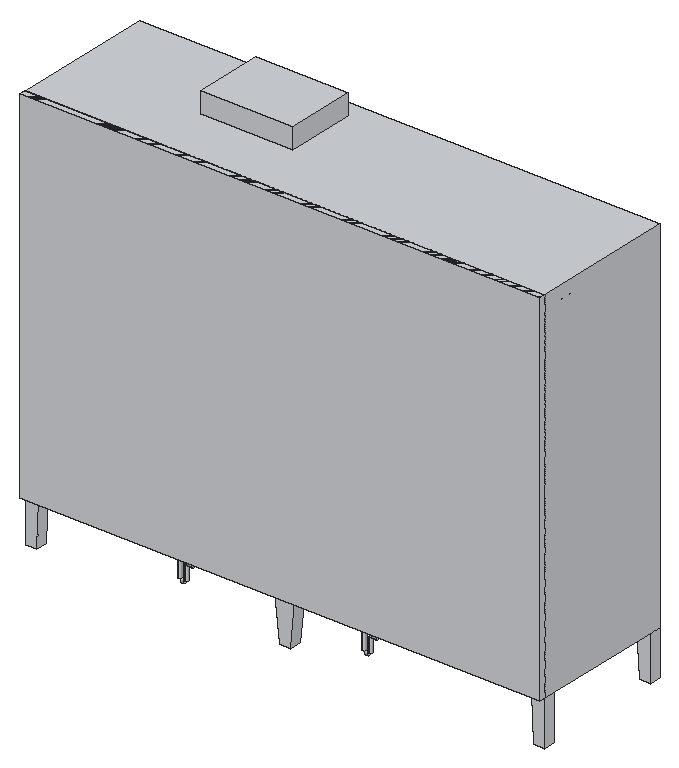
Revit family "AHU 1 _1", category Mechanické zařízení, Revit 2018
Family settings
  Kóta kulaté spojky = Použít průměr
  Typ dílu = Normální
  Číslo OmniClass = 23.75.00.00
  Nadpis OmniClass = Climate Control (HVAC)
  Založené na pracovní rovině = Ne
  Vždy vertikální = Ano
  Ořezat dutým tvarem při načtení = Ne
  Sdílené = Ne
  Bod výpočtu místnosti = Ne
Parameters (values of type "DUPLEXVENT 3500 Multi")
  Width [instance] = 0.665 mm
  Weight [instance] = 370.00 kg
  URL = ""
  Type [instance] = "DUPLEXVENT 3500 Multi"
  Total_SFP [instance] = 0
  Supply_outlet_hum [instance] = 90
  Supply_inlet_hum [instance] = 90
  Supply_ext_pressure [instance] = 0.0 Pa
  Supply_SFP [instance] = 0
  Source_adu_file [instance] = ""
  Recuperation_type [instance] = "Plate heat recovery exchanger"
  Recuperation_efficiency_EN308 [instance] = 0
  Project_name [instance] = ""
  Project_date [instance] = "8.8.2023"
  Power_supply_fusing [instance] = "0"
  Power_supply_cable [instance] = "0"
  Position [instance] = "AHU 1 "
  Phases_count [instance] = 3
  Panel_thickness [instance] = 0.06 mm
  Outer_surface [instance] = "RAL 9002"
  Length [instance] = 2.3 mm
  Insulation_type [instance] = "PUR"
  Insulation_thickness [instance] = 0.05 mm
  Installation_environment [instance] = ""
  Input_power_max [instance] = 5000 W
  Inner_surface [instance] = "Pozink"
  I2 [instance] = I1  # 0.0 L/s
  Height [instance] = 1.6 mm
  Exhaust_outlet_hum [instance] = 0
  Exhaust_inlet_hum [instance] = 40
  Exhaust_ext_pressure [instance] = 0.0 Pa
  Exhaust_SFP [instance] = 0
  E1 [instance] = E2 - M1  # 0.0 L/s
  E2 [instance] = 0.0 L/s
  I1 [instance] = 0.0 L/s
  Description = ""
  M1 [instance] = 0.0 L/s
  Device_dutypoint_version [instance] = "5"
  Device_design_version [instance] = "31"
  Device_adu_id [instance] = "1"
  Current_max [instance] = 7.6 A
  Casing_mat [instance] = "painted zinc layer"
  Cable type [instance] = "CYKY 5Jx2,5"
Reference planes
  plane 1 "Střed (vpředu/vzadu)": y = 0
  plane 2 "ref": z = 0
  plane 3 "Střed (vlevo/vpravo)": x = 0
Forms (mm)
  Sweep 1, solid
    path origin (0, 0, 0) x (0, 0, 1) y (1, 0, 0)
      loop
        line (0, 0) -> (1600, 0)
    profile origin (0, 0, 0) x (1, 0, 0) y (0, 1, 0)
      loop
        line (0, 0) -> (2300, 0) -> (2300, 635) -> (0, 635) -> (0, 0)
  Sweep 2, solid
    path origin (0, 0, 0) x (0, 0, 1) y (1, 0, 0)
      loop
        line (0, 0) -> (1600, 0)
    profile origin (0, 0, 0) x (1, 0, 0) y (0, 1, 0)
      loop
        line (0, 0) -> (0, -30) -> (2300, -30) -> (2300, 0) -> (0, 0)
  Sweep 3, solid
    path origin (1, 325, 300) x (0, 1, 0) y (-1, 0, 0)
      loop
        line (0, 0) -> (0, 1)
    profile origin (1, 325, 300) x (0, -1, 0) y (0, 0, 1)
      loop
        line (-200, -200) -> (200, -200) -> (200, 200) -> (-200, 200) -> (-200, -200)
  Sweep 4, solid
    path origin (2299, 330, 1190) x (1, 0, 0) y (0, 1, 0)
      loop
        line (0, 0) -> (1, 0)
    profile origin (2299, 330, 1190) x (0, 1, 0) y (0, 0, 1)
      loop
        line (-250, 355) -> (-250, -355) -> (250, -355) -> (250, 355) -> (-250, 355)
  Sweep 5, solid
    path origin (2299, 325, 300) x (1, 0, 0) y (0, 1, 0)
      loop
        line (0, 0) -> (1, 0)
    profile origin (2299, 325, 300) x (0, 1, 0) y (0, 0, 1)
      loop
        line (-200, 200) -> (-200, -200) -> (200, -200) -> (200, 200) -> (-200, 200)
  Sweep 6, solid
    path origin (1, 330, 1190) x (0, 1, 0) y (-1, 0, 0)
      loop
        line (0, 0) -> (0, 1)
    profile origin (1, 330, 1190) x (0, -1, 0) y (0, 0, 1)
      loop
        line (-250, -355) -> (250, -355) -> (250, 355) -> (-250, 355) -> (-250, -355)
  Sweep 7, solid
    path origin (1440, 75, 0) x (0, -1, 0) y (0, 0, 1)
      loop
        line (0, 0) -> (0, -142)
    profile origin (1440, 75, 0) x (-1, 0, 0) y (0, -1, 0)
      loop
        circle (0, 0) r 8
  Sweep 8, solid
    path origin (1448, 75, -150) x (0, 0, -1) y (1, 0, 0)
      loop
        line (0, 0) -> (0, 14)
    profile origin (1448, 75, -150) x (0, 0, 1) y (0, -1, 0)
      loop
        circle (0, 0) r 8
  Sweep 9, solid
    path origin (1470, 75, -142) x (0, -1, 0) y (0, 0, 1)
      loop
        line (0, 0) -> (0, 59)
    profile origin (1470, 75, -142) x (0, 1, 0) y (-1, 0, 0)
      loop
        circle (0, 0) r 8
  Sweep 10, solid
    path origin (1478, 75, -75) x (0, 0, -1) y (1, 0, 0)
      loop
        line (0, 0) -> (0, 22)
    profile origin (1478, 75, -75) x (0, 0, 1) y (0, -1, 0)
      loop
        circle (0, 0) r 8
  Sweep 11, solid
    path origin (625, 75, 0) x (0, -1, 0) y (0, 0, 1)
      loop
        line (0, 0) -> (0, -142)
    profile origin (625, 75, 0) x (-1, 0, 0) y (0, -1, 0)
      loop
        circle (0, 0) r 8
  Sweep 12, solid
    path origin (633, 75, -150) x (0, 0, -1) y (1, 0, 0)
      loop
        line (0, 0) -> (0, 14)
    profile origin (633, 75, -150) x (0, 0, 1) y (0, -1, 0)
      loop
        circle (0, 0) r 8
  Sweep 13, solid
    path origin (655, 75, -142) x (0, -1, 0) y (0, 0, 1)
      loop
        line (0, 0) -> (0, 59)
    profile origin (655, 75, -142) x (0, 1, 0) y (-1, 0, 0)
      loop
        circle (0, 0) r 8
  Sweep 14, solid
    path origin (663, 75, -75) x (0, 0, -1) y (1, 0, 0)
      loop
        line (0, 0) -> (0, 22)
    profile origin (663, 75, -75) x (0, 0, 1) y (0, -1, 0)
      loop
        circle (0, 0) r 8
  Sweep 15, solid
    path origin (0, 0, 0) x (0, 0, 1) y (1, 0, 0)
      loop
        line (0, 0) -> (1600, 0)
    profile origin (0, 0, 0) x (1, 0, 0) y (0, 1, 0)
      loop
        line (0, -30) -> (2300, -30) -> (2300, -5) -> (0, -5) -> (0, -30)
  Sweep 16, solid
    path origin (25, 50, 0) x (1, 0, 0) y (0, 1, 0)
      loop
        line (0, 0) -> (0, -50)
    profile origin (25, 50, 0) x (1, 0, 0) y (0, 0, 1)
      loop
        line (-25, 0) -> (-25, -200) -> (25, -200) -> (35, 0) -> (-25, 0)
  Sweep 17, solid
    path origin (2275, 50, 0) x (1, 0, 0) y (0, 1, 0)
      loop
        line (0, 0) -> (0, -50)
    profile origin (2275, 50, 0) x (1, 0, 0) y (0, 0, 1)
      loop
        line (-35, 0) -> (-25, -200) -> (25, -200) -> (25, 0) -> (-35, 0)
  Sweep 18, solid
    path origin (25, 635, 0) x (1, 0, 0) y (0, 1, 0)
      loop
        line (0, 0) -> (0, -50)
    profile origin (25, 635, 0) x (1, 0, 0) y (0, 0, 1)
      loop
        line (-25, 0) -> (-25, -200) -> (25, -200) -> (35, 0) -> (-25, 0)
  Sweep 19, solid
    path origin (2275, 635, 0) x (1, 0, 0) y (0, 1, 0)
      loop
        line (0, 0) -> (0, -50)
    profile origin (2275, 635, 0) x (1, 0, 0) y (0, 0, 1)
      loop
        line (-35, 0) -> (-25, -200) -> (25, -200) -> (25, 0) -> (-35, 0)
  Sweep 20, solid
    path origin (1150, 50, 0) x (1, 0, 0) y (0, 1, 0)
      loop
        line (0, 0) -> (0, -50)
    profile origin (1150, 50, 0) x (1, 0, 0) y (0, 0, 1)
      loop
        line (-45, 0) -> (-25, -200) -> (25, -200) -> (45, 0) -> (-45, 0)
  Sweep 21, solid
    path origin (1150, 635, 0) x (1, 0, 0) y (0, 1, 0)
      loop
        line (0, 0) -> (0, -50)
    profile origin (1150, 635, 0) x (1, 0, 0) y (0, 0, 1)
      loop
        line (-45, 0) -> (-25, -200) -> (25, -200) -> (45, 0) -> (-45, 0)
  Sweep 22, solid
    path origin (0, 0, 1600) x (0, 0, 1) y (1, 0, 0)
      loop
        line (0, 0) -> (90, 0)
    profile origin (0, 0, 1600) x (1, 0, 0) y (0, 1, 0)
      loop
        line (575, 253) -> (980, 253) -> (980, 558) -> (575, 558) -> (575, 253)
  Sweep 23, solid
    path origin (575, 406, 1645) x (0, 0, -1) y (1, 0, 0)
      loop
        line (0, 0) -> (0, -1)
    profile origin (575, 406, 1645) x (0, 0, -1) y (0, -1, 0)
      loop
        circle (0, 0) r 10
Lines and regions (mm)
  model lines, style "Symbol"
    curve 1: line (943, -30, 0) -> (943, -30, 320)
    curve 2: line (943, -30, 1600) -> (943, -30, 1280)
    curve 3: line (0, -30, 800) -> (463, -30, 800)
    curve 4: line (2300, -30, 800) -> (1423, -30, 800)
    curve 5: line (463, -30, 800) -> (703, -30, 1280)
    curve 6: line (703, -30, 1280) -> (1183, -30, 1280)
    curve 7: line (1183, -30, 1280) -> (1423, -30, 800)
    curve 8: line (1423, -30, 800) -> (1183, -30, 320)
    curve 9: line (1183, -30, 320) -> (943, -30, 320)
    curve 10: line (943, -30, 320) -> (703, -30, 320)
    curve 11: line (703, -30, 320) -> (463, -30, 800)
    curve 12: line (1948, -30, 1314) -> (2204, -30, 1270)
    curve 13: line (1948, -30, 1086) -> (2204, -30, 1130)
    curve 14: line (352, -30, 1086) -> (96, -30, 1130)
    curve 15: line (352, -30, 1314) -> (96, -30, 1270)
    curve 16: line (46, -30, 160) -> (46, -30, 640)
    curve 17: line (46, -30, 640) -> (184, -30, 640)
    curve 18: line (184, -30, 640) -> (184, -30, 160)
    curve 19: line (184, -30, 160) -> (46, -30, 160)
    curve 20: line (115, -30, 160) -> (184, -30, 400)
    curve 21: line (115, -30, 640) -> (184, -30, 400)
    curve 22: line (2254, -30, 640) -> (2254, -30, 160)
    curve 23: line (2254, -30, 160) -> (2116, -30, 160)
    curve 24: line (2116, -30, 160) -> (2116, -30, 640)
    curve 25: line (2116, -30, 640) -> (2254, -30, 640)
    curve 26: line (2185, -30, 640) -> (2116, -30, 400)
    curve 27: line (2185, -30, 160) -> (2116, -30, 400)
    curve 28: line (616, -30, 280) -> (398, -30, 708)
    curve 29: line (398, -30, 708) -> (470, -30, 744)
    curve 30: line (470, -30, 744) -> (688, -30, 316)
    curve 31: line (688, -30, 316) -> (616, -30, 280)
    curve 32: line (485, -30, 554) -> (513, -30, 641)
    curve 33: line (573, -30, 383) -> (601, -30, 470)
    curve 34: line (0, -1230, 0) -> (0, -30, 0)
    curve 35: line (2300, -1230, 0) -> (2300, -30, 0)
    curve 36: line (0, -1230, 0) -> (2300, -1230, 0)
    curve 37: line (0, -1230, 1600) -> (0, -30, 1600)
    curve 38: line (2300, -1230, 1600) -> (2300, -30, 1600)
    curve 39: line (0, -1230, 1600) -> (2300, -1230, 1600)
    curve 40: line (0, -1230, 0) -> (0, -1230, 1600)
    curve 41: line (2300, -1230, 0) -> (2300, -1230, 1600)
    curve 42: line (0, -1230, 1400) -> (200, -1230, 1600)
    curve 43: line (0, -1230, 1200) -> (400, -1230, 1600)
    curve 44: line (0, -1230, 1000) -> (600, -1230, 1600)
    curve 45: line (0, -1230, 800) -> (800, -1230, 1600)
    curve 46: line (0, -1230, 600) -> (1000, -1230, 1600)
    curve 47: line (0, -1230, 400) -> (1200, -1230, 1600)
    curve 48: line (0, -1230, 200) -> (1400, -1230, 1600)
    curve 49: line (0, -1230, 0) -> (1600, -1230, 1600)
    curve 50: line (200, -1230, 0) -> (1800, -1230, 1600)
    curve 51: line (400, -1230, 0) -> (2000, -1230, 1600)
    curve 52: line (600, -1230, 0) -> (2200, -1230, 1600)
    curve 53: line (800, -1230, 0) -> (2300, -1230, 1500)
    curve 54: line (1000, -1230, 0) -> (2300, -1230, 1300)
    curve 55: line (1200, -1230, 0) -> (2300, -1230, 1100)
    curve 56: line (1400, -1230, 0) -> (2300, -1230, 900)
    curve 57: line (1600, -1230, 0) -> (2300, -1230, 700)
    curve 58: line (1800, -1230, 0) -> (2300, -1230, 500)
    curve 59: line (2000, -1230, 0) -> (2300, -1230, 300)
    curve 60: line (2200, -1230, 0) -> (2300, -1230, 100)
    curve 61: line (2300, -1230, 1400) -> (2300, -1030, 1600)
    curve 62: line (2300, -1230, 1200) -> (2300, -830, 1600)
    curve 63: line (2300, -1230, 1000) -> (2300, -630, 1600)
    curve 64: line (2300, -1230, 800) -> (2300, -430, 1600)
    curve 65: line (2300, -1230, 600) -> (2300, -230, 1600)
    curve 66: line (2300, -1230, 400) -> (2300, -30, 1600)
    curve 67: line (2300, -1230, 200) -> (2300, -30, 1400)
    curve 68: line (2300, -1230, 0) -> (2300, -30, 1200)
    curve 69: line (2300, -1030, 0) -> (2300, -30, 1000)
    curve 70: line (2300, -830, 0) -> (2300, -30, 800)
    curve 71: line (2300, -630, 0) -> (2300, -30, 600)
    curve 72: line (2300, -430, 0) -> (2300, -30, 400)
    curve 73: line (2300, -230, 0) -> (2300, -30, 200)
    curve 74: line (0, -1030, 1600) -> (200, -1230, 1600)
    curve 75: line (0, -830, 1600) -> (400, -1230, 1600)
    curve 76: line (0, -630, 1600) -> (600, -1230, 1600)
    curve 77: line (0, -430, 1600) -> (800, -1230, 1600)
    curve 78: line (0, -230, 1600) -> (1000, -1230, 1600)
    curve 79: line (0, -30, 1600) -> (1200, -1230, 1600)
    curve 80: line (200, -30, 1600) -> (1400, -1230, 1600)
    curve 81: line (400, -30, 1600) -> (1600, -1230, 1600)
    curve 82: line (600, -30, 1600) -> (1800, -1230, 1600)
    curve 83: line (800, -30, 1600) -> (2000, -1230, 1600)
    curve 84: line (1000, -30, 1600) -> (2200, -1230, 1600)
    curve 85: line (1200, -30, 1600) -> (2300, -1130, 1600)
    curve 86: line (1400, -30, 1600) -> (2300, -930, 1600)
    curve 87: line (1600, -30, 1600) -> (2300, -730, 1600)
    curve 88: line (1800, -30, 1600) -> (2300, -530, 1600)
    curve 89: line (2000, -30, 1600) -> (2300, -330, 1600)
    curve 90: line (2200, -30, 1600) -> (2300, -130, 1600)
    curve 91: line (0, 0, 2320) -> (0, 0, 1600)
    curve 92: line (2300, 0, 2320) -> (2300, 0, 1600)
    curve 93: line (0, 0, 2320) -> (2300, 0, 2320)
    curve 94: line (0, 635, 2320) -> (0, 635, 1600)
    curve 95: line (2300, 635, 2320) -> (2300, 635, 1600)
    curve 96: line (0, 635, 2320) -> (2300, 635, 2320)
    curve 97: line (0, 0, 2320) -> (0, 635, 2320)
    curve 98: line (2300, 0, 2320) -> (2300, 635, 2320)
    curve 99: line (0, 435, 2320) -> (200, 635, 2320)
    curve 100: line (0, 235, 2320) -> (400, 635, 2320)
    curve 101: line (0, 35, 2320) -> (600, 635, 2320)
    curve 102: line (165, 0, 2320) -> (800, 635, 2320)
    curve 103: line (365, 0, 2320) -> (1000, 635, 2320)
    curve 104: line (565, 0, 2320) -> (1200, 635, 2320)
    curve 105: line (765, 0, 2320) -> (1400, 635, 2320)
    curve 106: line (965, 0, 2320) -> (1600, 635, 2320)
    curve 107: line (1165, 0, 2320) -> (1800, 635, 2320)
    curve 108: line (1365, 0, 2320) -> (2000, 635, 2320)
    curve 109: line (1565, 0, 2320) -> (2200, 635, 2320)
    curve 110: line (1765, 0, 2320) -> (2300, 535, 2320)
    curve 111: line (1965, 0, 2320) -> (2300, 335, 2320)
    curve 112: line (2165, 0, 2320) -> (2300, 135, 2320)
    curve 113: line (2300, 435, 2320) -> (2300, 635, 2120)
    curve 114: line (2300, 235, 2320) -> (2300, 635, 1920)
    curve 115: line (2300, 35, 2320) -> (2300, 635, 1720)
    curve 116: line (2300, 0, 2155) -> (2300, 555, 1600)
    curve 117: line (2300, 0, 1955) -> (2300, 355, 1600)
    curve 118: line (2300, 0, 1755) -> (2300, 155, 1600)
    curve 119: line (0, 635, 2120) -> (200, 635, 2320)
    curve 120: line (0, 635, 1920) -> (400, 635, 2320)
    curve 121: line (0, 635, 1720) -> (600, 635, 2320)
    curve 122: line (80, 635, 1600) -> (800, 635, 2320)
    curve 123: line (280, 635, 1600) -> (1000, 635, 2320)
    curve 124: line (480, 635, 1600) -> (1200, 635, 2320)
    curve 125: line (680, 635, 1600) -> (1400, 635, 2320)
    curve 126: line (880, 635, 1600) -> (1600, 635, 2320)
    curve 127: line (1080, 635, 1600) -> (1800, 635, 2320)
    curve 128: line (1280, 635, 1600) -> (2000, 635, 2320)
    curve 129: line (1480, 635, 1600) -> (2200, 635, 2320)
    curve 130: line (1680, 635, 1600) -> (2300, 635, 2220)
    curve 131: line (1880, 635, 1600) -> (2300, 635, 2020)
    curve 132: line (2080, 635, 1600) -> (2300, 635, 1820)
    curve 133: line (2280, 635, 1600) -> (2300, 635, 1620)
    curve 134: line (0, 635, -200) -> (0, 635, 0)
    curve 135: line (2300, 635, -200) -> (2300, 635, 0)
    curve 136: line (0, 635, -200) -> (2300, 635, -200)
    curve 137: line (0, 0, -200) -> (0, 0, 0)
    curve 138: line (2300, 0, -200) -> (2300, 0, 0)
    curve 139: line (0, 0, -200) -> (2300, 0, -200)
    curve 140: line (0, 635, -200) -> (0, 0, -200)
    curve 141: line (2300, 635, -200) -> (2300, 0, -200)
    curve 142: line (0, 200, -200) -> (200, 0, -200)
    curve 143: line (0, 400, -200) -> (400, 0, -200)
    curve 144: line (0, 600, -200) -> (600, 0, -200)
    curve 145: line (165, 635, -200) -> (800, 0, -200)
    curve 146: line (365, 635, -200) -> (1000, 0, -200)
    curve 147: line (565, 635, -200) -> (1200, 0, -200)
    curve 148: line (765, 635, -200) -> (1400, 0, -200)
    curve 149: line (965, 635, -200) -> (1600, 0, -200)
    curve 150: line (1165, 635, -200) -> (1800, 0, -200)
    curve 151: line (1365, 635, -200) -> (2000, 0, -200)
    curve 152: line (1565, 635, -200) -> (2200, 0, -200)
    curve 153: line (1765, 635, -200) -> (2300, 100, -200)
    curve 154: line (1965, 635, -200) -> (2300, 300, -200)
    curve 155: line (2165, 635, -200) -> (2300, 500, -200)
    curve 156: line (2300, 200, -200) -> (2300, 0, 0)
    curve 157: line (2300, 400, -200) -> (2300, 200, 0)
    curve 158: line (2300, 600, -200) -> (2300, 400, 0)
    curve 159: line (2300, 635, -35) -> (2300, 600, 0)
    curve 160: line (0, 0, 0) -> (200, 0, -200)
    curve 161: line (200, 0, 0) -> (400, 0, -200)
    curve 162: line (400, 0, 0) -> (600, 0, -200)
    curve 163: line (600, 0, 0) -> (800, 0, -200)
    curve 164: line (800, 0, 0) -> (1000, 0, -200)
    curve 165: line (1000, 0, 0) -> (1200, 0, -200)
    curve 166: line (1200, 0, 0) -> (1400, 0, -200)
    curve 167: line (1400, 0, 0) -> (1600, 0, -200)
    curve 168: line (1600, 0, 0) -> (1800, 0, -200)
    curve 169: line (1800, 0, 0) -> (2000, 0, -200)
    curve 170: line (2000, 0, 0) -> (2200, 0, -200)
    curve 171: line (2200, 0, 0) -> (2300, 0, -100)
    curve 172: line (0, -30, 0) -> (0, -30, 1600)
    curve 173: line (0, -30, 1600) -> (920, -30, 1600)
    curve 174: line (920, -30, 1600) -> (920, -30, 0)
    curve 175: line (920, -30, 0) -> (0, -30, 0)
    curve 176: line (1180, -30, 0) -> (1180, -30, 1600)
    curve 177: line (1180, -30, 1600) -> (2300, -30, 1600)
    curve 178: line (2300, -30, 1600) -> (2300, -30, 0)
    curve 179: line (2300, -30, 0) -> (1180, -30, 0)
    curve 180: line (0, -30, 0) -> (2300, -30, 0)
    curve 181: line (0, -30, 1600) -> (2300, -30, 1600)
    curve 182: line (0, -30, 0) -> (0, -30, 1600)
    curve 183: line (2300, -30, 0) -> (2300, -30, 1600)
    curve 184: line (0, -30, 0) -> (0, -5, 0)
    curve 185: line (2300, -30, 0) -> (2300, -5, 0)
    curve 186: line (0, -30, 1600) -> (0, -5, 1600)
    curve 187: line (2300, -30, 1600) -> (2300, -5, 1600)
    curve 188: circle (2060, -30, 1200) r 160 normal (0, -1, 0)
    curve 189: circle (240, -30, 1200) r 160 normal (0, -1, 0)
    curve 190: circle (499, -30, 598) r 12 normal (0, -1, 0)
    curve 191: circle (587, -30, 426) r 12 normal (0, -1, 0)
    curve 192: circle (1440, 75, 0) r 8 normal (0, 0, -1)
    curve 193: circle (1440, 75, -142) r 8 normal (0, 0, -1)
    curve 194: circle (625, 75, 0) r 8 normal (0, 0, -1)
    curve 195: circle (625, 75, -142) r 8 normal (0, 0, -1)
Dimensions and locks
  aligned and locked: level to plane 2 "ref"
Connectors
  hvac at (0, 325, 300), driven by "E1"
    settings: on Sweep 3, index 1, duct flow 0.0 L/s, flow factor 0, pres drop 0.0 Pa, loss coef 0, conn angle 0.00°, conn width 400 mm, conn height 400 mm, conn diameter 609.6 mm, duct sys type 1, conn prof type 1, flow config 1, flow direction 1, loss method 0, conn ref index -1, conn util no, is conn primary yes, conn desc ""
  hvac at (2300, 330, 1190), driven by "E2"
    settings: on Sweep 4, index 2, duct flow 0.0 L/s, flow factor 1, pres drop 0.0 Pa, loss coef 0, conn angle 0.00°, conn width 500 mm, conn height 710 mm, conn diameter 609.6 mm, duct sys type 1, conn prof type 1, flow config 2, flow direction 2, loss method 0, conn ref index -1, conn util no, is conn primary no, conn desc ""
  hvac at (2300, 325, 300), driven by "I1"
    settings: on Sweep 5, index 3, duct flow 0.0 L/s, flow factor 1, pres drop 0.0 Pa, loss coef 0, conn angle 0.00°, conn width 400 mm, conn height 400 mm, conn diameter 609.6 mm, duct sys type 3, conn prof type 1, flow config 2, flow direction 1, loss method 0, conn ref index -1, conn util no, is conn primary no, conn desc ""
  hvac at (0, 330, 1190), driven by "I2"
    settings: on Sweep 6, index 4, duct flow 0.0 L/s, flow factor 0, pres drop 0.0 Pa, loss coef 0, conn angle 0.00°, conn width 500 mm, conn height 710 mm, conn diameter 609.6 mm, duct sys type 3, conn prof type 1, flow config 1, flow direction 2, loss method 0, conn ref index -1, conn util no, is conn primary no, conn desc ""
  piping at (1500, 75, -75), diameter 40
    settings: on Sweep 10, index 5, connector inside diameter 609.6 mm, connector length 0 mm, flow factor 0, pipe flow 0.0 L/s, pressure drop 0.0 Pa, fitting loss kfactor 0, connector angle 0.00°, fixture units 0, engagement length 0 mm, angle of deflection 0.00°, flow configuration 1, flow direction 2, fitting loss method 0, system type 16, joint type 0, gender type 0, connector reference index -1, connector utility 0, adjustable connector no, is connector primary yes, connector description ""
  piping at (685, 75, -75), diameter 40
    settings: on Sweep 14, index 6, connector inside diameter 609.6 mm, connector length 0 mm, flow factor 0, pipe flow 0.0 L/s, pressure drop 0.0 Pa, fitting loss kfactor 0, connector angle 0.00°, fixture units 0, engagement length 0 mm, angle of deflection 0.00°, flow configuration 1, flow direction 2, fitting loss method 0, system type 16, joint type 0, gender type 0, connector reference index -1, connector utility 0, adjustable connector no, is connector primary no, connector description ""
  electrical at (574, 406, 1645)
    settings: on Sweep 23, index 7, voltage 400 V, apparent load 0 VA, apparent load phase1 0 VA, apparent load phase2 0 VA, apparent load phase3 0 VA, power factor 1, load classification "Další", number of poles 3, system type 31, power factor state 1, is connector primary yes, connector utility no, sub classification motor no, connector description ""
